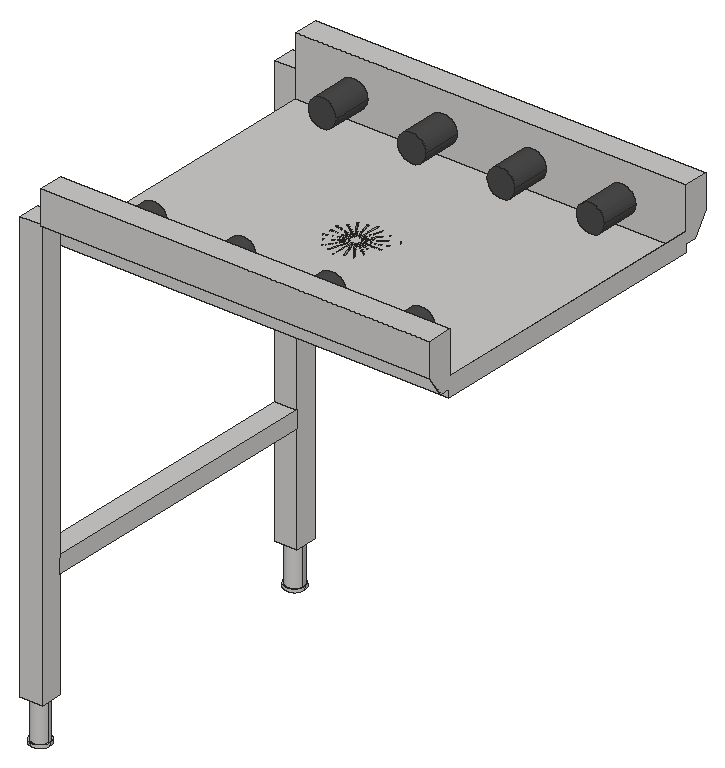
Revit family "QF_ELECTROLUXPROFESSIONAL_863139_HSSRC7", category Specialty Equipment, Revit 2018 (continued)
Automatic sketch dimensions
  Extrusion 4 sketch curve to Extrusion 4 sketch curve = 14.287 mm
  Revolve 5 sketch curve to plane 1 "Centro (Fronte/Retro)" = 0 mm  (x2)
  plane 1 "Centro (Fronte/Retro)" to Revolve 5 sketch curve = 45.447 mm
  Revolve 5 sketch curve to Revolve 5 sketch curve = 1.52 mm
  Revolve 5 sketch curve to Revolve 5 sketch curve = 11.998 mm
  Revolve 5 sketch curve to Revolve 5 sketch curve = 4.762 mm
  Revolve 5 sketch curve to Revolve 5 sketch curve = 4.974 mm
  Revolve 5 sketch curve to plane 6 = 145.915 mm
  Revolve 5 sketch curve to Revolve 5 sketch curve = 5.727 mm
  Revolve 5 sketch curve to Revolve 5 sketch curve = 11.901 mm
  Revolve 5 sketch curve to Revolve 5 sketch curve = 3.704 mm
  Revolve 5 sketch curve to Revolve 5 sketch curve = 11.924 mm
  Revolve 5 sketch curve to Revolve 5 sketch curve = 2.681 mm
  Revolve 5 sketch curve to Revolve 5 sketch curve = 3 mm
  Revolve 5 sketch curve to Revolve 5 sketch curve = 14.991 mm
  Revolve 6 sketch curve to plane 1 "Centro (Fronte/Retro)" = 0 mm  (x2)
  Revolve 6 sketch curve to plane 1 "Centro (Fronte/Retro)" = 20.976 mm
  Revolve 6 sketch curve to plane 6 = 165.904 mm
  Revolve 6 sketch curve to plane 1 "Centro (Fronte/Retro)" = 23.516 mm
  Revolve 6 sketch curve to Revolve 6 sketch curve = 2.434 mm
  Revolve 6 sketch curve to Revolve 6 sketch curve = 8.043 mm
  Revolve 6 sketch curve to Revolve 6 sketch curve = 2.54 mm  (x2)
  Revolve 6 sketch curve to Revolve 6 sketch curve = 16.983 mm
  Revolve 6 sketch curve to Revolve 6 sketch curve = 3.127 mm
  Revolve 6 sketch curve to Revolve 6 sketch curve = 7.343 mm
  plane 3 "LEFT" to Extrusion 7 sketch curve = 105.624 mm
  Extrusion 7 sketch curve to plane 6 = 59.885 mm  (x4)
  Extrusion 18 sketch curve to plane 1 "Centro (Fronte/Retro)" = 0.162 mm
  Extrusion 18 sketch curve to plane 8 = 1.524 mm
  plane 3 "LEFT" to Extrusion 29 sketch curve = 105.624 mm
  Extrusion 29 sketch curve to plane 6 = 59.885 mm  (x4)
  radius of Extrusion 7 sketch curve = 25 mm  (x4)
  radius of Extrusion 18 sketch curve = 5 mm
  radius of Extrusion 29 sketch curve = 25 mm  (x4)
Nested families
  nested 1: "Foot_40x40" at (-1059.929, 361.245, 0), type "Foot_40x40"
    with A 850.033 mm
  nested 2: "Foot_40x40" at (-1059.929, -211.771, 0), type "Foot_40x40"
    with A 850.033 mm
Connectors
  piping at (-688.761, 74.737, 744.096), diameter 30
    settings: on cut or joined group of Extrusion 2, Extrusion 3, Extrusion 4, Revolve 5, Revolve 6, Extrusion 8, Extrusion 9, Extrusion 10, Extrusion 11, Extrusion 12, Extrusion 13, Extrusion 14, Extrusion 15, Extrusion 16, Extrusion 17, Extrusion 19, Extrusion 20, Extrusion 21, Extrusion 22, Extrusion 23, Extrusion 24, Extrusion 25, Extrusion 26, Extrusion 27, Extrusion 28, index 1, connector inside diameter 609.6 mm, connector length 0 mm, flow factor 0, pipe flow 0.0 L/s, pressure drop 0.0 Pa, fitting loss kfactor 0, connector angle 0.00°, fixture units 0, engagement length 0 mm, angle of deflection 0.00°, flow configuration 1, flow direction 2, fitting loss method 0, system type 16, joint type 0, gender type 0, connector reference index -1, connector utility 0, adjustable connector no, is connector primary yes, connector description "Drain"
Definition of nested family "Foot_40x40"
  Parameters
    A [instance] = 850 mm
  Reference planes
    plane 1 "Centro (Fronte/Retro)": y = 0
    plane 2: z = 0
    plane 3 "Centro (Sinistra/Destra)": x = 0
    plane 4: z = 850
  Forms (mm)
    Extrusion 1, solid
      sketch origin (0, 0, 0) x (1, 0, 0) y (0, 1, 0)
        loop
          circle (0, 0) r 18
      from 0 to 5
    Extrusion 2, solid
      sketch origin (0, 0, 5) x (1, 0, 0) y (0, 1, 0)
        loop
          circle (0, 0) r 15
      from 0 to 70
    Extrusion 3, solid
      sketch origin (0, 0, 75) x (1, 0, 0) y (0, 1, 0)
        loop
          line (-20, 20) -> (-20, -20) -> (20, -20) -> (20, 20) -> (-20, 20)
      from 0 to 775
  Dimensions and locks
    "A": plane 4 to plane 2
    aligned and locked: level to plane 2
    aligned and locked: plane 4 to Extrusion 3
    aligned and locked: Extrusion 1 to level
  Automatic sketch dimensions
    plane 1 "Centro (Fronte/Retro)" to Extrusion 1 sketch curve = 0 mm
    Extrusion 1 sketch curve to plane 3 "Centro (Sinistra/Destra)" = 0 mm
    Extrusion 3 sketch curve to Extrusion 3 sketch curve = 40 mm  (x2)
    radius of Extrusion 1 sketch curve = 18 mm
    radius of Extrusion 2 sketch curve to Extrusion 1 = 3 mm
Types (2, lengths in mm): name | URL | Manufacturer | Model | Description
  (no name) | 0 | 0 | 0 | 0
  QF_ELECTROLUX_863139_HSSRC7 | "http://professional.electrolux.com" | "Electrolux" | "HSSRC7" | "CONVEYOR, SHORT ROLLERS, 700 MM"
